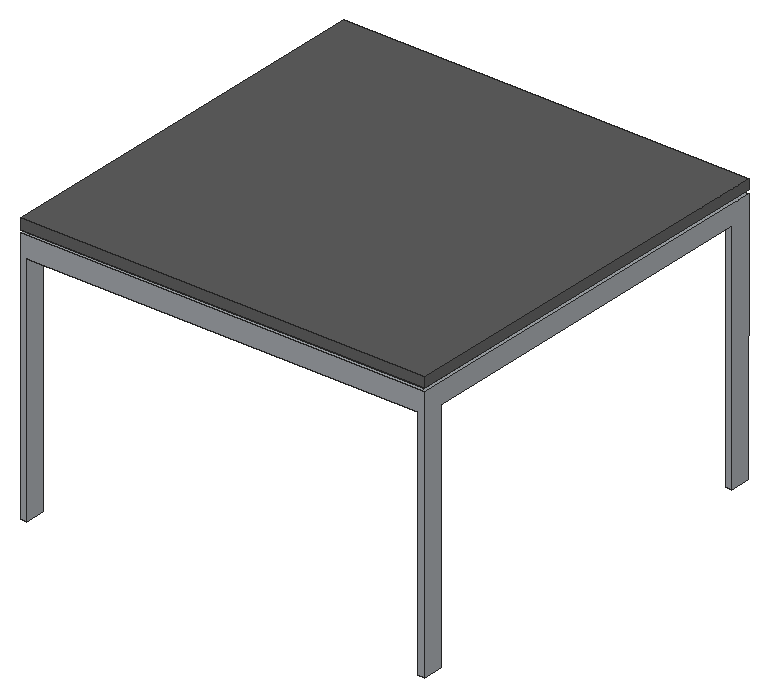
Revit family
Parameters
  URL = "http://www.martinbrattrud.com"
  Table Top [instance] = none
  SCS Certified Product = "Yes"
  Model = "Lundin 1006-30SH"
  Manufacturer = "Martin Brattrud, Inc."
  Leg [instance] = none
  Keynote = "125000"
  Copyright = "© 2013 Martin Brattrud, Inc."
  Authoring Version = "Revit Architecture 2010"
  Assembly Code = "E2020200"
Reference planes (in)
  plane 1 "Center Front/Back": y = 0
  plane 2: z = 0
  plane 3 "Center Left/Right": x = 0
  plane 4: x = -15
  plane 5: x = 15
  plane 6: y = 15
  plane 7: y = -15
  plane 8: y = 14.6875
  plane 9: y = -14.6875
  plane 10: x = -14.6875
  plane 11: x = 14.6875
Forms (in)
  Extrusion 1, solid, material <- "Table Top"
    sketch origin (0, 0, 0) x (1, 0, 0) y (0, 1, 0)
      loop
        line (15, 15) -> (-15, 15) -> (-15, -15) -> (15, -15) -> (15, 15)
    from 19.25 to 20
  Extrusion 2, solid, material <- "Table Top"
    sketch origin (0, 0, 0) x (1, 0, 0) y (0, 1, 0)
      loop
        line (14.6875, 14.6875) -> (-14.6875, 14.6875) -> (-14.6875, -14.6875) -> (14.6875, -14.6875) -> (14.6875, 14.6875)
    from 18.5217 to 19.25
  Extrusion 3, solid, material <- "Leg"
    sketch origin (-3, 0, 0) x (0, 1, 0) y (0, 0, -1)
      loop
        line (15, 0) -> (13.5, 0) -> (13.5, -17.5) -> (-13.5, -17.5) -> (-13.5, 0) -> (-15, 0) -> (-15, -19) -> (15, -19) -> (15, 0)
    from 11.5 to 12
  Extrusion 4, solid, material <- "Leg"
    sketch origin (0, 0, 0) x (0, 1, 0) y (0, 0, 1)
      loop
        line (15, 19) -> (14.5, 19) -> (14.5, 17.5) -> (15, 17.5) -> (15, 19)
      loop
        line (-15, 19) -> (-15, 17.5) -> (-14.5, 17.5) -> (-14.5, 19) -> (-15, 19)
    from -15 to 15
  Extrusion 5, solid, material <- "Leg"
    sketch origin (3, 0, 0) x (0, 1, 0) y (0, 0, 1)
      loop
        line (15, 0) -> (15, 19) -> (-15, 19) -> (-15, 0) -> (-13.5, 0) -> (-13.5, 17.5) -> (13.5, 17.5) -> (13.5, 0) -> (15, 0)
    from 11.5 to 12
Cuts and joins
  joined: Extrusion 3, Extrusion 4, Extrusion 5
